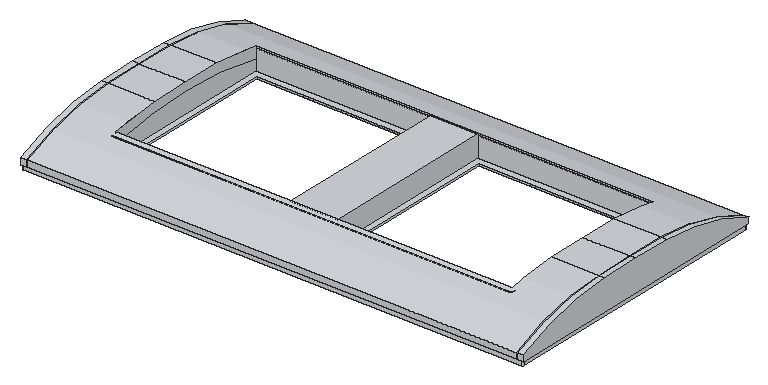
Revit family "Gira_0212334", category Electrical Fixtures, host Face, Revit 2017
Family settings
  Host = Face
  Maintain Annotation Orientation = No
  Round Connector Dimension = Use Diameter
  Part Type = Normal
  Cut with Voids When Loaded = No
  Shared = No
  Room Calculation Point = No
Parameters (values of type "Cov.fr. 2-g interm.fr. PW Gira Event Opaque white")
  With mounting grid = "No"
  With hinged lid = "No"
  URL = "http://katalog.gira.de/en/datenblatt.html?artikelnr=0212334"
  Type of fastening = "Clamp mounting"
  Transparent = "No"
  Surface protection = "Other"
  Suitable for wall duct = "No"
  Suitable for flush-mounted installation = "Yes"
  Suitable for floor box = "No"
  Suitable for built-in installation = "No"
  Number of units vertical = "2"
  Number of units horizontal = "2"
  Number of units = "2"
  Name = "Cov.fr. 2-g interm.fr. PW Gira Event Opaque white"
  Mounting direction = "Horizontal and vertical"
  Material quality = "Thermoplastic"
  Material = "Plastic"
  Manufacturer URL = "https://www.gira.de/"
  Manufacturer = "Gira"
  Label space/information surface = "No"
  Keynote = ""
  HeinzeBIM = "https://bimportal.heinze.de/bim/cov-fr-2-g-interm-fr-pw-gira-event-opaque-white/c1e841c355a8662168814b86c2545744354db263"
  Halogen free = "Yes"
  HAN = "0212334"
  GTIN = "4010337074397"
  Description = "Cov.fr.2g i.fr.PW EvOp WH,Gira Event Opaque frames,white with pure white glossy intermediate frame,2-gang,Features:,- Shatter-proof."
  Degree of protection (IP) = "IP20"
  Default Elevation = 1219.2 mm
  Data sheet (1) = "https://katalog.gira.de/en/download.html?artikelnr=0212334"
  Colour = "White"
  Category = "Cover frame for domestic switching devices"
  BIM (1) = "https://media.stage.bim.site/public/gira/36a6b08/Event_Rahmen_2fach.rfa"
  Available = "No"
Reference planes
  plane 1 "Center (Front/Back)": y = 0
  plane 2: z = 0
  plane 3 "Center (Left/Right)": x = 0
Forms (mm)
  Extrusion 1, solid, detail levels fine
    sketch origin (0, 0, 0.05) x (0, 1, 0) y (0, 0, 1)
      loop
        arc (12.445, 9.683) -> (6.223, 9.833) -> (0, 9.85) r 291.636
        arc (0, 9.85) -> (-6.223, 9.833) -> (-12.445, 9.683) r 291.636
        arc (-12.445, 9.683) -> (-29.14, 7.482) -> (-45, 1.823) r 79.728
        line (-45, 1.823) -> (-45, -0.05) -> (-42.086, -0.05)
        arc (-42.086, -0.05) -> (-21.385, 5.559) -> (0, 7.206) r 114.424
        arc (0, 7.206) -> (21.385, 5.559) -> (42.086, -0.05) r 114.424
        line (42.086, -0.05) -> (45, -0.05) -> (45, 1.823)
        arc (45, 1.823) -> (29.14, 7.482) -> (12.445, 9.683) r 79.728
    from -78.55 to 78.55
  Extrusion 2, void, detail levels fine
    sketch origin (0, 0, 0) x (1, 0, 0) y (0, 1, 0)
      loop
        line (-63.55, -27.937) -> (63.55, -27.937) -> (63.55, 28.063) -> (-63.55, 28.063) -> (-63.55, -27.937)
    from 0.724 to 11
  Extrusion 3, solid, detail levels coarse
    sketch origin (0, 0, 0) x (1, 0, 0) y (0, 1, 0)
      loop
        line (-80.55, 45) -> (-80.55, -45) -> (80.55, -45) -> (80.55, 45) -> (-80.55, 45)
    from -1.5 to 9.9
  Extrusion 4, solid, detail levels medium
    sketch origin (0, 0, 0.05) x (0, 1, 0) y (0, 0, 1)
      loop
        arc (12.445, 9.683) -> (6.223, 9.833) -> (0, 9.85) r 291.636
        arc (0, 9.85) -> (-6.223, 9.833) -> (-12.445, 9.683) r 291.636
        arc (-12.445, 9.683) -> (-29.14, 7.482) -> (-45, 1.823) r 79.728
        line (-45, 1.823) -> (-45, -0.05) -> (45, -0.05) -> (45, 1.823)
        arc (45, 1.823) -> (29.14, 7.482) -> (12.445, 9.683) r 79.728
    from -80.55 to 80.55
  Extrusion 5, solid, detail levels fine
    sketch origin (-35.55, 0, -1.5) x (0, 1, 0) y (0, 0, -1)
      loop
        line (45, -3.373) -> (45, -1.5) -> (-45, -1.5) -> (-45, -3.373)
        arc (-45, -3.373) -> (-29.14, -9.032) -> (-12.445, -11.233) r 79.728
        arc (-12.445, -11.233) -> (-6.223, -11.383) -> (0, -11.4) r 291.636
        arc (0, -11.4) -> (6.223, -11.383) -> (12.445, -11.233) r 291.636
        arc (12.445, -11.233) -> (29.14, -9.032) -> (45, -3.373) r 79.728
    from 43 to 45
  Extrusion 6, solid, detail levels fine
    sketch origin (0, 0, 0) x (1, 0, 0) y (0, 1, 0)
      loop
        line (-61.45, 25.7) -> (-61.45, -25.7) -> (-9.65, -25.7) -> (-9.65, 25.7) -> (-61.45, 25.7)
      loop
        line (61.45, -25.7) -> (61.45, 25.7) -> (9.65, 25.7) -> (9.65, -25.7) -> (61.45, -25.7)
      loop
        line (-64.445, 28.49) -> (-64.445, -28.495)
        spline (-64.445, -28.495) -> (-64.436, -28.625) -> (-64.411, -28.754) -> (-64.369, -28.878) -> (-64.311, -28.995) -> (-64.238, -29.104) -> (-64.152, -29.202) -> (-64.054, -29.288) -> (-63.945, -29.361) -> (-63.828, -29.419) -> (-63.704, -29.461) -> (-63.575, -29.486) -> (-63.445, -29.495)
        line (-63.445, -29.495) -> (63.445, -29.495)
        spline (63.445, -29.495) -> (63.575, -29.486) -> (63.704, -29.461) -> (63.828, -29.419) -> (63.945, -29.361) -> (64.054, -29.288) -> (64.152, -29.202) -> (64.238, -29.104) -> (64.311, -28.995) -> (64.369, -28.878) -> (64.411, -28.754) -> (64.436, -28.625) -> (64.445, -28.495)
        line (64.445, -28.495) -> (64.445, 28.49)
        spline (64.445, 28.49) -> (64.436, 28.62) -> (64.411, 28.748) -> (64.369, 28.872) -> (64.311, 28.99) -> (64.238, 29.098) -> (64.152, 29.197) -> (64.054, 29.283) -> (63.945, 29.356) -> (63.828, 29.413) -> (63.704, 29.456) -> (63.575, 29.481) -> (63.445, 29.49)
        line (63.445, 29.49) -> (-63.445, 29.49)
        spline (-63.445, 29.49) -> (-63.575, 29.481) -> (-63.704, 29.456) -> (-63.828, 29.413) -> (-63.945, 29.356) -> (-64.054, 29.283) -> (-64.152, 29.197) -> (-64.238, 29.098) -> (-64.311, 28.99) -> (-64.369, 28.872) -> (-64.411, 28.748) -> (-64.436, 28.62) -> (-64.445, 28.49)
    from 0.1 to 7.3
  Extrusion 7, solid
    sketch origin (0, 0, 0) x (1, 0, 0) y (0, 1, 0)
      loop
        arc (-80.25, -44.2) -> (-80.104, -44.554) -> (-79.75, -44.7) r 0.5
        line (-79.75, -44.7) -> (79.75, -44.7)
        arc (79.75, -44.7) -> (80.104, -44.554) -> (80.25, -44.2) r 0.5
        line (80.25, -44.2) -> (80.25, 44.2)
        arc (80.25, 44.2) -> (80.104, 44.554) -> (79.75, 44.7) r 0.5
        line (79.75, 44.7) -> (-79.75, 44.7)
        arc (-79.75, 44.7) -> (-80.104, 44.554) -> (-80.25, 44.2) r 0.5
        line (-80.25, 44.2) -> (-80.25, -44.2)
      loop
        line (-78.55, 43) -> (-78.55, -43) -> (78.55, -43) -> (78.55, 43) -> (-78.55, 43)
    from -1.5 to 0.5
  Extrusion 8, solid, detail levels fine
    sketch origin (35.55, 0, -1.5) x (0, 1, 0) y (0, 0, 1)
      loop
        arc (45, 3.373) -> (29.14, 9.032) -> (12.445, 11.233) r 79.728
        arc (12.445, 11.233) -> (6.223, 11.383) -> (0, 11.4) r 291.636
        arc (0, 11.4) -> (-6.223, 11.383) -> (-12.445, 11.233) r 291.636
        arc (-12.445, 11.233) -> (-29.14, 9.032) -> (-45, 3.373) r 79.728
        line (-45, 3.373) -> (-45, 1.5) -> (45, 1.5) -> (45, 3.373)
    from 43 to 45
  Extrusion 9, solid, detail levels medium
    sketch origin (0, 0, 0) x (1, 0, 0) y (0, 1, 0)
      loop
        line (-80.25, -44.7) -> (80.25, -44.7) -> (80.25, 44.7) -> (-80.25, 44.7) -> (-80.25, -44.7)
    from -1.5 to 0.5
  Extrusion 10, solid, detail levels fine
    sketch origin (0, 0, 0) x (1, 0, 0) y (0, 1, 0)
      loop
        line (-7.55, 28.063) -> (-7.55, -27.937) -> (7.55, -27.937) -> (7.55, 28.063) -> (-7.55, 28.063)
    from 0.724 to 7.566
Cuts and joins
  Extrusion 2 cuts Extrusion 1
  Extrusion 2 cuts Extrusion 6
Dimensions and locks
  aligned and locked: plane 2 to host face
  aligned and locked: level to host face
